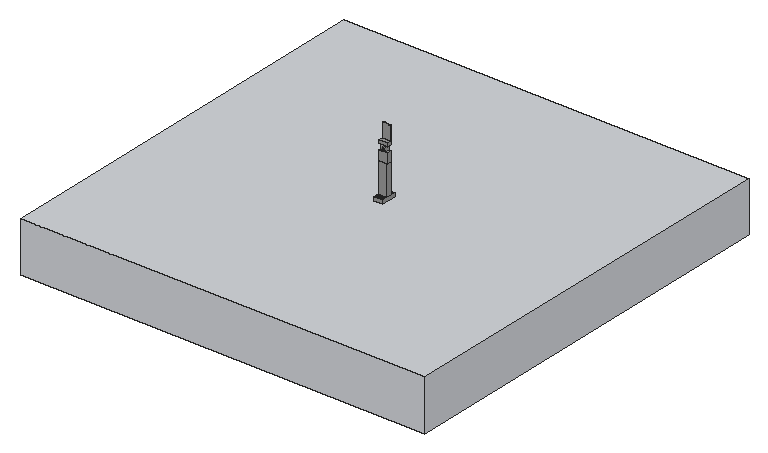
Revit family "LAMP_ACC WALL ARM", category Modelos genéricos, Revit 2015
Parameters (values of type "ADJ & EXT GREY")
  Weight = 1.668 kg
  Tilting angle [instance] = 90.00°
  Tilting [instance] = if(Tilting angle < 0.00°, 0.00°, if(Tilting angle > 180.00°, 180.00°, Tilting angle))  # 90.00°
  Product datasheet = "https://www.lamp.es/product-files/TECH/ARROEX40G-EN.pdf"
  Product code = "ARROEX40G\r\nARROEX40G"
  Product URL = "https://www.lamp.es/en/accessory/acc-adj-exten-wall-arm-gr_423650"
  No extension [instance] = no
  Modelo = Product code  # "ARROEX40G\r\nARROEX40G"
  Model explanation = "Extensible from 280 mm to 380 mm, and tiltable between -90º and 90º. Can be used without extensible part."
  Material = LAMP_Aluminio genérico
  Manufacturer name = "LAMP"
  Manufacturer country = "Spain"
  Manufacturer URL = "http://www.lamp.es/en"
  Last update = "18/08/2020"
  Installation instructions = "https://www.lamp.es/product-files/INS/1001840-C-INSTR.%20SOPORTE%20PARED%20ORIENT%20Y%20EXTRAIBLE.pdf"
  Finish = "Textured grey"
  Fabricante = Manufacturer name  # "LAMP"
  Default Elevation = 1219.2 mm
  Distancia [instance] = if(Acc length > 400 mm, 200 mm, if(Acc length < 300 mm, 100 mm, if(No extension, 0 mm, Acc length - 200 mm)))  # 200 mm
  Descripción = "ACC. ADJ EXTEN WALL ARM GR."
  Comentarios de tipo = Model explanation  # "Extensible from 280 mm to 380 mm, and tiltable between -90º and 90º. Can be used without extensible part."
  Accessory Type = "Adjustable and extensible bracket"
  Acc length [instance] = 400 mm
  A pared [instance] = if(No extension, 1 = 0, 1 = 1)  # yes
Types (5, lengths in mm): name | Weight | Product datasheet | Product code | Product URL | No extension | Modelo | Model explanation | Material | Finish | Distancia | Descripción | Comentarios de tipo | Accessory Type | Acc length | A pared
  (no name) | 1.668 kg | "https://www.lamp.es/product-files/TECH/ARROEX40G-EN.pdf" | "ARROEX40G\r\nARROEX40G" | "https://www.lamp.es/en/accessory/acc-adj-exten-wall-arm-gr_423650" | no | "ARROEX40G\r\nARROEX40G" | "Extensible from 280 mm to 380 mm, and tiltable between -90º and 90º. Can be used without extensible part." | LAMP_Aluminio genérico | "Textured grey" | 200 | "ACC. ADJ EXTEN WALL ARM GR." | "Extensible from 280 mm to 380 mm, and tiltable between -90º and 90º. Can be used without extensible part." | "Adjustable and extensible bracket" | 400 | yes
  ADJ & EXT GREY | 1.668 kg | "https://www.lamp.es/product-files/TECH/ARROEX40G-EN.pdf" | "ARROEX40G\r\nARROEX40G" | "https://www.lamp.es/en/accessory/acc-adj-exten-wall-arm-gr_423650" | no | "ARROEX40G\r\nARROEX40G" | "Extensible from 280 mm to 380 mm, and tiltable between -90º and 90º. Can be used without extensible part." | LAMP_Aluminio genérico | "Textured grey" | 200 | "ACC. ADJ EXTEN WALL ARM GR." | "Extensible from 280 mm to 380 mm, and tiltable between -90º and 90º. Can be used without extensible part." | "Adjustable and extensible bracket" | 400 | yes
  ADJ & EXT WHITE | 1.668 kg | "https://www.lamp.es/product-files/TECH/ARROEX40W-EN.pdf" | "ARROEX40W" | "https://www.lamp.es/en/accessory/acc-adj-exten-wall-arm-gr_423650" | no | "ARROEX40W" | "Extensible from 280 mm to 380 mm, and tiltable between -90º and 90º. Can be used without extensible part." | LAMP_Aluminio genérico blanco | "Shiny white" | 180 | "ACC. ADJ EXTEN WALL ARM WH." | "Extensible from 280 mm to 380 mm, and tiltable between -90º and 90º. Can be used without extensible part." | "Adjustable and extensible bracket" | 380 | yes
  ADJ WHITE | 0.974 kg | "https://www.lamp.es/product-files/TECH/ARRO13W-EN.pdf" | "ARRO13W" | "https://www.lamp.es/en/accessory/acc-adj-wall-arm-gr_423693" | yes | "ARRO13W" | "Tiltable between -90º and 90º." | LAMP_Aluminio genérico blanco | "Shiny white" | 0 | "ACC. ADJ WALL ARM WH." | "Tiltable between -90º and 90º." | "Adjustable bracket" | 380 | no
  ADJ GREY | 0.974 kg | "https://www.lamp.es/product-files/TECH/ARRO13G-EN.pdf" | "ARRO13G" | "https://www.lamp.es/en/accessory/acc-adj-wall-arm-gr_423693" | yes | "ARRO13G" | "Tiltable between -90º and 90º." | LAMP_Aluminio genérico | "Textured grey" | 0 | "ACC. ADJ WALL ARM GR." | "Tiltable between -90º and 90º." | "Adjustable bracket" | 380 | no
Reference planes
  plane 1 "Centro (Frontal/Posterior)": y = 0
  plane 2: z = 0
  plane 3 "Centro (Izquierda/Derecha)": x = 0
  plane 4: z = 200
Forms (mm)
  Extrusion 1, solid
    sketch origin (0, 0, 0) x (1, 0, 0) y (0, 1, 0)
      loop
        line (-1219.2, 1219.2) -> (-1219.2, -1219.2) -> (1219.2, -1219.2) -> (1219.2, 1219.2) -> (-1219.2, 1219.2)
    from 0 to -304.8
  Extrusion 2, solid, material "LAMP_Aluminio genérico" <- "Material"
    sketch origin (0, 0, 0) x (1, 0, 0) y (0, 1, 0)
      loop
        line (-25.5, 45.5) -> (-25.5, -45.5) -> (25.5, -45.5) -> (25.5, 45.5) -> (-25.5, 45.5)
    from 0 to 20
  Extrusion 3, solid, material "LAMP_Aluminio genérico" <- "Material", visible <- "A pared"
    sketch origin (-25.5, -4572, 200) x (-1, 0, 0) y (0, -1, 0)
      loop
        line (0, -4592.5) -> (0, -4562.5) -> (-51, -4562.5) -> (-51, -4592.5) -> (0, -4592.5)
    from -180 to 0
  Extrusion 4, solid, material "LAMP_Aluminio genérico" <- "Material"
    sketch origin (-25.5, -4572, 200) x (-1, 0, 0) y (0, -1, 0)
      loop
        line (0, -4565.5) -> (-51, -4565.5) -> (-51, -4590.5) -> (0, -4590.5) -> (0, -4565.5)
    from 0 to 59.4
  Extrusion 5, solid, material "LAMP_Aluminio genérico" <- "Material"
    sketch origin (0, 0, -47.024) x (0, 1, 0) y (0, 0, 1)
      loop
        line (16, 306.424) -> (16, 312.424)
        arc (16, 312.424) -> (6, 338.604) -> (-4, 312.424) r 15
        line (-4, 312.424) -> (-4, 306.424) -> (16, 306.424)
    from 0 to -13
  Extrusion 6, solid, material "LAMP_Aluminio genérico" <- "Material"
    sketch origin (0, 0, 0) x (1, 0, 0) y (0, 1, 0)
      loop
        arc (-20.794, -36.292) -> (-20.575, -36.819) -> (-20.048, -37.038) r 0.745
        line (-20.048, -37.038) -> (-15.508, -37.038)
        arc (-15.508, -37.038) -> (-15.058, -36.894) -> (-14.776, -36.515) r 0.775
        line (-14.776, -36.515) -> (-10.236, -23.32) -> (-5.72, -36.443)
        arc (-5.72, -36.443) -> (-5.455, -36.798) -> (-5.033, -36.933) r 0.727
        line (-5.033, -36.933) -> (-1.611, -36.933)
        arc (-1.611, -36.933) -> (-1.096, -36.72) -> (-0.883, -36.205) r 0.729
        line (-0.883, -36.205) -> (-0.883, -23.388) -> (3.071, -27.342) -> (7.177, -23.237) -> (7.177, -36.33)
        arc (7.177, -36.33) -> (7.384, -36.83) -> (7.884, -37.038) r 0.708
        line (7.884, -37.038) -> (12.961, -37.038)
        arc (12.961, -37.038) -> (13.503, -36.813) -> (13.727, -36.272) r 0.766
        line (13.727, -36.272) -> (13.727, -23.872)
        arc (13.727, -23.872) -> (13.944, -23.348) -> (14.467, -23.132) r 0.74
        line (14.467, -23.132) -> (17.911, -23.132)
        arc (17.911, -23.132) -> (18.45, -23.355) -> (18.673, -23.894) r 0.762
        line (18.673, -23.894) -> (18.673, -26.496)
        arc (18.673, -26.496) -> (18.452, -27.032) -> (17.916, -27.254) r 0.758
        line (17.916, -27.254) -> (14.745, -27.254)
        arc (14.745, -27.254) -> (13.92, -28.078) -> (14.745, -28.902) r 0.824
        line (14.745, -28.902) -> (19.583, -28.902)
        arc (19.583, -28.902) -> (20.106, -28.686) -> (20.322, -28.163) r 0.739
        line (20.322, -28.163) -> (20.322, -22.259)
        arc (20.322, -22.259) -> (20.095, -21.71) -> (19.546, -21.483) r 0.776
        line (19.546, -21.483) -> (12.844, -21.483)
        arc (12.844, -21.483) -> (12.303, -21.707) -> (12.078, -22.249) r 0.766
        line (12.078, -22.249) -> (12.078, -34.644)
        arc (12.078, -34.644) -> (11.854, -35.186) -> (11.312, -35.41) r 0.766
        line (11.312, -35.41) -> (9.616, -35.41)
        arc (9.616, -35.41) -> (9.077, -35.187) -> (8.854, -34.648) r 0.762
        line (8.854, -34.648) -> (8.854, -23.001)
        arc (8.854, -23.001) -> (7.658, -21.339) -> (5.702, -21.944) r 1.753
        line (5.702, -21.944) -> (3.071, -24.575) -> (0.441, -21.944)
        arc (0.441, -21.944) -> (-1.516, -21.339) -> (-2.712, -23.001) r 1.753
        line (-2.712, -23.001) -> (-2.712, -34.462)
        arc (-2.712, -34.462) -> (-3.502, -35.395) -> (-4.552, -34.77) r 0.946
        line (-4.552, -34.77) -> (-8.759, -22.536)
        arc (-8.759, -22.536) -> (-10.236, -21.483) -> (-11.712, -22.536) r 1.561
        line (-11.712, -22.536) -> (-15.961, -34.892)
        arc (-15.961, -34.892) -> (-16.241, -35.267) -> (-16.688, -35.41) r 0.768
        line (-16.688, -35.41) -> (-18.412, -35.41)
        arc (-18.412, -35.41) -> (-18.93, -35.196) -> (-19.145, -34.678) r 0.733
        line (-19.145, -34.678) -> (-19.145, -22.22)
        arc (-19.145, -22.22) -> (-19.969, -21.395) -> (-20.794, -22.22) r 0.824
        line (-20.794, -22.22) -> (-20.794, -36.292)
    from 20 to 21
Text (mm)
  text "Any modification of the parameters and properties of the LAMP BIM models must be executed and validated by the LAMP technical department.\n\nPhone: +34 93 736 68 00\n\nE-mail: lamp@lamp.es\n\n\n\nLAMP reserves the right to modify the technical specifications of its products." at (-17309.569, 17713.351, -9498.954), in view "Prewiew"
Dimensions and locks
  "Distancia": plane 4 to Extrusion 1
  aligned and locked: plane 2 to Extrusion 1
  aligned and locked: level to Extrusion 1
  aligned and locked: Extrusion 3 to Extrusion 2
Automatic sketch dimensions
  Extrusion 1 sketch curve to Extrusion 1 sketch curve = 2438.4 mm  (x2)
  Extrusion 2 sketch curve to plane 3 "Centro (Izquierda/Derecha)" = 25.5 mm
  plane 3 "Centro (Izquierda/Derecha)" to Extrusion 2 sketch curve = 25.5 mm
  plane 1 "Centro (Frontal/Posterior)" to Extrusion 2 sketch curve = 45.5 mm
  Extrusion 2 sketch curve to plane 1 "Centro (Frontal/Posterior)" = 45.5 mm
  plane 1 "Centro (Frontal/Posterior)" to Extrusion 4 sketch curve = 6.5 mm
  plane 3 "Centro (Izquierda/Derecha)" to Extrusion 4 sketch curve = 25.5 mm
  Extrusion 4 sketch curve to plane 3 "Centro (Izquierda/Derecha)" = 25.5 mm
  Extrusion 4 sketch curve to plane 1 "Centro (Frontal/Posterior)" = 18.5 mm
  plane 1 "Centro (Frontal/Posterior)" to Extrusion 5 sketch curve = 4 mm
  Extrusion 5 sketch curve to plane 1 "Centro (Frontal/Posterior)" = 6 mm
  Extrusion 5 sketch curve to Extrusion 5 sketch curve = 10 mm
  plane 4 to Extrusion 5 sketch curve = 59.4 mm
  Extrusion 5 sketch curve to Extrusion 5 sketch curve = 6 mm
  Extrusion 5 sketch curve to Extrusion 5 sketch curve = 11.18 mm
  plane 3 "Centro (Izquierda/Derecha)" to Extrusion 3 sketch curve = 25.5 mm
  plane 1 "Centro (Frontal/Posterior)" to Extrusion 3 sketch curve = 9.5 mm
  Extrusion 3 sketch curve to plane 3 "Centro (Izquierda/Derecha)" = 25.5 mm
  Extrusion 3 sketch curve to plane 1 "Centro (Frontal/Posterior)" = 20.5 mm
  Extrusion 6 sketch curve to plane 3 "Centro (Izquierda/Derecha)" = 20.794 mm
  Extrusion 6 sketch curve to Extrusion 6 sketch curve = 0.745 mm
  Extrusion 6 sketch curve to Extrusion 6 sketch curve = 0.824 mm  (x2)
  Extrusion 6 sketch curve to Extrusion 6 sketch curve = 0.733 mm  (x2)
  Extrusion 6 sketch curve to Extrusion 6 sketch curve = 1.725 mm
  Extrusion 6 sketch curve to Extrusion 6 sketch curve = 0.727 mm
  Extrusion 6 sketch curve to Extrusion 6 sketch curve = 1.179 mm
  Extrusion 6 sketch curve to Extrusion 6 sketch curve = 7.433 mm
  Extrusion 6 sketch curve to Extrusion 6 sketch curve = 1.476 mm  (x2)
  Extrusion 6 sketch curve to Extrusion 6 sketch curve = 0 mm  (x2)
  Extrusion 6 sketch curve to plane 3 "Centro (Izquierda/Derecha)" = 5.72 mm
  Extrusion 6 sketch curve to Extrusion 6 sketch curve = 0.688 mm
  Extrusion 6 sketch curve to Extrusion 6 sketch curve = 0.48 mm
  Extrusion 6 sketch curve to Extrusion 6 sketch curve = 0.895 mm
  Extrusion 6 sketch curve to Extrusion 6 sketch curve = 0.946 mm
  Extrusion 6 sketch curve to plane 3 "Centro (Izquierda/Derecha)" = 1.611 mm
  Extrusion 6 sketch curve to plane 3 "Centro (Izquierda/Derecha)" = 0.958 mm
  Extrusion 6 sketch curve to Extrusion 6 sketch curve = 0.729 mm
  plane 3 "Centro (Izquierda/Derecha)" to Extrusion 6 sketch curve = 0.441 mm
  plane 3 "Centro (Izquierda/Derecha)" to Extrusion 6 sketch curve = 3.071 mm
  Extrusion 6 sketch curve to Extrusion 6 sketch curve = 2.631 mm
  Extrusion 6 sketch curve to Extrusion 6 sketch curve = 1.399 mm
  plane 3 "Centro (Izquierda/Derecha)" to Extrusion 6 sketch curve = 7.177 mm
  Extrusion 6 sketch curve to Extrusion 6 sketch curve = 0.708 mm  (x2)
  Extrusion 6 sketch curve to Extrusion 6 sketch curve = 0.97 mm
  Extrusion 6 sketch curve to Extrusion 6 sketch curve = 0.762 mm  (x2)
  Extrusion 6 sketch curve to Extrusion 6 sketch curve = 1.696 mm
  Extrusion 6 sketch curve to Extrusion 6 sketch curve = 3.224 mm
  Extrusion 6 sketch curve to Extrusion 6 sketch curve = 0.766 mm
  Extrusion 6 sketch curve to Extrusion 6 sketch curve = 0.883 mm  (x2)
  Extrusion 6 sketch curve to Extrusion 6 sketch curve = 0.74 mm
  Extrusion 6 sketch curve to Extrusion 6 sketch curve = 0.277 mm
  Extrusion 6 sketch curve to Extrusion 6 sketch curve = 3.444 mm
  Extrusion 6 sketch curve to Extrusion 6 sketch curve = 3.171 mm
  Extrusion 6 sketch curve to Extrusion 6 sketch curve = 0.873 mm
  Extrusion 6 sketch curve to Extrusion 6 sketch curve = 1.667 mm
  Extrusion 6 sketch curve to Extrusion 6 sketch curve = 0.776 mm
  plane 1 "Centro (Frontal/Posterior)" to Extrusion 6 sketch curve = 37.038 mm
  Extrusion 6 sketch curve to Extrusion 6 sketch curve = 0.603 mm
  Extrusion 6 sketch curve to Extrusion 6 sketch curve = 0.523 mm
  Extrusion 6 sketch curve to Extrusion 6 sketch curve = 0.491 mm
  Extrusion 6 sketch curve to Extrusion 6 sketch curve = 0.92 mm
  Extrusion 6 sketch curve to Extrusion 6 sketch curve = 0.882 mm
  Extrusion 6 sketch curve to Extrusion 6 sketch curve = 0.519 mm
  Extrusion 6 sketch curve to Extrusion 6 sketch curve = 1.437 mm
  Extrusion 6 sketch curve to Extrusion 6 sketch curve = 5.741 mm
  Extrusion 6 sketch curve to Extrusion 6 sketch curve = 7.12 mm
  Extrusion 6 sketch curve to Extrusion 6 sketch curve = 2.767 mm
  Extrusion 6 sketch curve to Extrusion 6 sketch curve = 2.602 mm
  Extrusion 6 sketch curve to Extrusion 6 sketch curve = 1.187 mm
  Extrusion 6 sketch curve to Extrusion 6 sketch curve = 0.068 mm
  Extrusion 6 sketch curve to Extrusion 6 sketch curve = 0.276 mm
  Extrusion 6 sketch curve to Extrusion 6 sketch curve = 0.236 mm
  Extrusion 6 sketch curve to Extrusion 6 sketch curve = 0.508 mm
  Extrusion 6 sketch curve to Extrusion 6 sketch curve = 1.635 mm
  Extrusion 6 sketch curve to Extrusion 6 sketch curve = 0.317 mm
Nested families
  nested 1: "Tilting part" at (0, 6.001, 274.469), Tilting <- "Tilting", type "Tilting part"
    with Tilting 90.00°
Definition of nested family "Tilting part"
  Parameters (values of type "Grey")
    Tilting [instance] = 90.00°
    Material = none
    Default Elevation = 1219.2 mm
  Types (3): name
    (no name)
    Grey
    White
  Reference planes
    plane 1 "Centro (Frontal/Posterior)": y = 0
    plane 2: z = 0
    plane 3 "Centro (Izquierda/Derecha)": x = 0
  Forms (mm)
    Extrusion 1, solid, material <- "Material"
      sketch origin (0, 0, 0) x (0, -1, 0) y (0, 0, -1)
        loop
          line (-10, -19.09) -> (10, -19.09) -> (10, -13.09)
          arc (10, -13.09) -> (0, 13.09) -> (-10, -13.09) r 15
          line (-10, -13.09) -> (-10, -19.09)
      from 0 to 13
    Extrusion 2, solid, material <- "Material"
      sketch origin (0, 0, 0) x (0, -1, 0) y (1, 0, 0)
        loop
          line (-13, -25) -> (13, -25) -> (13, 25) -> (-13, 25) -> (-13, -25)
      from 19.09 to 37.829
    Extrusion 3, solid, material <- "Material"
      sketch origin (0, 0, 0) x (0, -1, 0) y (1, 0, 0)
        loop
          line (-13, -25) -> (-11, -25) -> (-11, 25) -> (-13, 25) -> (-13, -25)
      from 37.829 to 125.329
  Lines and regions (mm)
    reference lines
      curve 1: line (0, 0, 0) -> (0, -80, 0)
  Dimensions and locks
    "Tilting": angle plane 1 "Centro (Frontal/Posterior)" to curve 1
    aligned and locked: level to plane 2
    aligned and locked: plane 1 "Centro (Frontal/Posterior)" to curve 1
    aligned and locked: plane 2 to curve 1
  Automatic sketch dimensions
    Extrusion 1 sketch curve to curve 1 = 0 mm
    Extrusion 1 sketch curve to curve 1 = 1.91 mm
    Extrusion 1 sketch curve to curve 1 = 10 mm
    curve 1 to Extrusion 1 sketch curve = 10 mm
    Extrusion 1 sketch curve to curve 1 = 13.09 mm
    Extrusion 1 sketch curve to Extrusion 1 sketch curve = 6 mm
    Extrusion 2 sketch curve to curve 1 = 13 mm
    curve 1 to Extrusion 2 sketch curve = 13 mm
    Extrusion 2 sketch curve to curve 1 = 25 mm
    curve 1 to Extrusion 2 sketch curve = 25 mm
    Extrusion 3 sketch curve to curve 1 = 13 mm
    Extrusion 3 sketch curve to Extrusion 3 sketch curve = 2 mm
    Extrusion 3 sketch curve to curve 1 = 25 mm
    curve 1 to Extrusion 3 sketch curve = 25 mm
